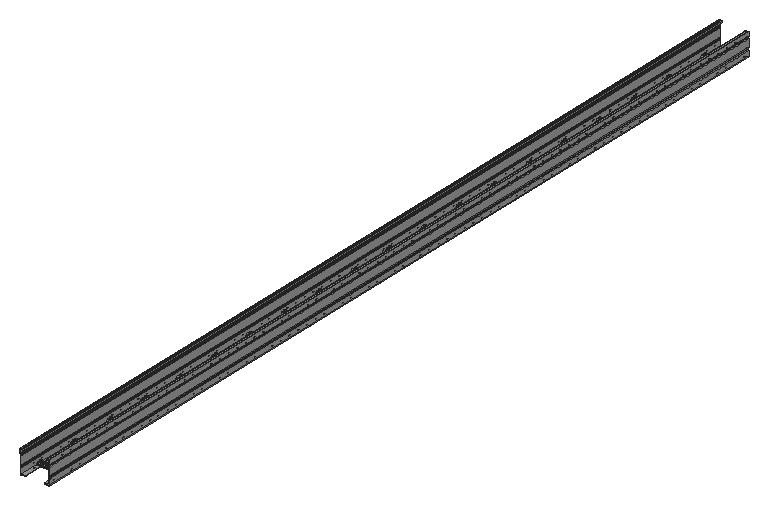
Revit family "Weitspannkabelleiter WKLG1620 FT,FS FT SO A4.23.08", category Generic Models, Revit 2017 (continued)
Forms (mm)
  Extrusion 269, void
    sketch origin (0, 2025, 0) x (0, 1, 0) y (0, 0, 1)
      loop
        line (49.5, 144.356) -> (25.5, 144.356)
        arc (25.5, 144.356) -> (25.146, 144.209) -> (25, 143.856) r 0.5
        line (25, 143.856) -> (25, 135.856)
        arc (25, 135.856) -> (25.146, 135.502) -> (25.5, 135.356) r 0.5
        line (25.5, 135.356) -> (49.46, 135.356)
        arc (49.46, 135.356) -> (49.842, 135.514) -> (50, 135.896) r 0.54
        line (50, 135.896) -> (50, 143.856)
        arc (50, 143.856) -> (49.854, 144.209) -> (49.5, 144.356) r 0.5
    from -100 to -98
  Extrusion 270, void
    sketch origin (0, 2100, 0) x (0, 1, 0) y (0, 0, 1)
      loop
        line (49.5, 144.356) -> (25.5, 144.356)
        arc (25.5, 144.356) -> (25.146, 144.209) -> (25, 143.856) r 0.5
        line (25, 143.856) -> (25, 135.856)
        arc (25, 135.856) -> (25.146, 135.502) -> (25.5, 135.356) r 0.5
        line (25.5, 135.356) -> (49.46, 135.356)
        arc (49.46, 135.356) -> (49.842, 135.514) -> (50, 135.896) r 0.54
        line (50, 135.896) -> (50, 143.856)
        arc (50, 143.856) -> (49.854, 144.209) -> (49.5, 144.356) r 0.5
    from -100 to -98
  Extrusion 271, void
    sketch origin (0, 2175, 0) x (0, 1, 0) y (0, 0, 1)
      loop
        line (49.5, 144.356) -> (25.5, 144.356)
        arc (25.5, 144.356) -> (25.146, 144.209) -> (25, 143.856) r 0.5
        line (25, 143.856) -> (25, 135.856)
        arc (25, 135.856) -> (25.146, 135.502) -> (25.5, 135.356) r 0.5
        line (25.5, 135.356) -> (49.46, 135.356)
        arc (49.46, 135.356) -> (49.842, 135.514) -> (50, 135.896) r 0.54
        line (50, 135.896) -> (50, 143.856)
        arc (50, 143.856) -> (49.854, 144.209) -> (49.5, 144.356) r 0.5
    from -100 to -98
  Extrusion 272, void
    sketch origin (0, 2250, 0) x (0, 1, 0) y (0, 0, 1)
      loop
        line (49.5, 144.356) -> (25.5, 144.356)
        arc (25.5, 144.356) -> (25.146, 144.209) -> (25, 143.856) r 0.5
        line (25, 143.856) -> (25, 135.856)
        arc (25, 135.856) -> (25.146, 135.502) -> (25.5, 135.356) r 0.5
        line (25.5, 135.356) -> (49.46, 135.356)
        arc (49.46, 135.356) -> (49.842, 135.514) -> (50, 135.896) r 0.54
        line (50, 135.896) -> (50, 143.856)
        arc (50, 143.856) -> (49.854, 144.209) -> (49.5, 144.356) r 0.5
    from -100 to -98
  Extrusion 273, void
    sketch origin (0, 2325, 0) x (0, 1, 0) y (0, 0, 1)
      loop
        line (49.5, 144.356) -> (25.5, 144.356)
        arc (25.5, 144.356) -> (25.146, 144.209) -> (25, 143.856) r 0.5
        line (25, 143.856) -> (25, 135.856)
        arc (25, 135.856) -> (25.146, 135.502) -> (25.5, 135.356) r 0.5
        line (25.5, 135.356) -> (49.46, 135.356)
        arc (49.46, 135.356) -> (49.842, 135.514) -> (50, 135.896) r 0.54
        line (50, 135.896) -> (50, 143.856)
        arc (50, 143.856) -> (49.854, 144.209) -> (49.5, 144.356) r 0.5
    from -100 to -98
  Extrusion 274, void
    sketch origin (0, 2400, 0) x (0, 1, 0) y (0, 0, 1)
      loop
        line (49.5, 144.356) -> (25.5, 144.356)
        arc (25.5, 144.356) -> (25.146, 144.209) -> (25, 143.856) r 0.5
        line (25, 143.856) -> (25, 135.856)
        arc (25, 135.856) -> (25.146, 135.502) -> (25.5, 135.356) r 0.5
        line (25.5, 135.356) -> (49.46, 135.356)
        arc (49.46, 135.356) -> (49.842, 135.514) -> (50, 135.896) r 0.54
        line (50, 135.896) -> (50, 143.856)
        arc (50, 143.856) -> (49.854, 144.209) -> (49.5, 144.356) r 0.5
    from -100 to -98
  Extrusion 275, void
    sketch origin (0, 2475, 0) x (0, 1, 0) y (0, 0, 1)
      loop
        line (49.5, 144.356) -> (25.5, 144.356)
        arc (25.5, 144.356) -> (25.146, 144.209) -> (25, 143.856) r 0.5
        line (25, 143.856) -> (25, 135.856)
        arc (25, 135.856) -> (25.146, 135.502) -> (25.5, 135.356) r 0.5
        line (25.5, 135.356) -> (49.46, 135.356)
        arc (49.46, 135.356) -> (49.842, 135.514) -> (50, 135.896) r 0.54
        line (50, 135.896) -> (50, 143.856)
        arc (50, 143.856) -> (49.854, 144.209) -> (49.5, 144.356) r 0.5
    from -100 to -98
  Extrusion 276, void
    sketch origin (0, 2550, 0) x (0, 1, 0) y (0, 0, 1)
      loop
        line (49.5, 144.356) -> (25.5, 144.356)
        arc (25.5, 144.356) -> (25.146, 144.209) -> (25, 143.856) r 0.5
        line (25, 143.856) -> (25, 135.856)
        arc (25, 135.856) -> (25.146, 135.502) -> (25.5, 135.356) r 0.5
        line (25.5, 135.356) -> (49.46, 135.356)
        arc (49.46, 135.356) -> (49.842, 135.514) -> (50, 135.896) r 0.54
        line (50, 135.896) -> (50, 143.856)
        arc (50, 143.856) -> (49.854, 144.209) -> (49.5, 144.356) r 0.5
    from -100 to -98
  Extrusion 277, void
    sketch origin (0, 2625, 0) x (0, 1, 0) y (0, 0, 1)
      loop
        line (49.5, 144.356) -> (25.5, 144.356)
        arc (25.5, 144.356) -> (25.146, 144.209) -> (25, 143.856) r 0.5
        line (25, 143.856) -> (25, 135.856)
        arc (25, 135.856) -> (25.146, 135.502) -> (25.5, 135.356) r 0.5
        line (25.5, 135.356) -> (49.46, 135.356)
        arc (49.46, 135.356) -> (49.842, 135.514) -> (50, 135.896) r 0.54
        line (50, 135.896) -> (50, 143.856)
        arc (50, 143.856) -> (49.854, 144.209) -> (49.5, 144.356) r 0.5
    from -100 to -98
  Extrusion 278, void
    sketch origin (0, 2700, 0) x (0, 1, 0) y (0, 0, 1)
      loop
        line (49.5, 144.356) -> (25.5, 144.356)
        arc (25.5, 144.356) -> (25.146, 144.209) -> (25, 143.856) r 0.5
        line (25, 143.856) -> (25, 135.856)
        arc (25, 135.856) -> (25.146, 135.502) -> (25.5, 135.356) r 0.5
        line (25.5, 135.356) -> (49.46, 135.356)
        arc (49.46, 135.356) -> (49.842, 135.514) -> (50, 135.896) r 0.54
        line (50, 135.896) -> (50, 143.856)
        arc (50, 143.856) -> (49.854, 144.209) -> (49.5, 144.356) r 0.5
    from -100 to -98
  Extrusion 279, void
    sketch origin (0, 2775, 0) x (0, 1, 0) y (0, 0, 1)
      loop
        line (49.5, 144.356) -> (25.5, 144.356)
        arc (25.5, 144.356) -> (25.146, 144.209) -> (25, 143.856) r 0.5
        line (25, 143.856) -> (25, 135.856)
        arc (25, 135.856) -> (25.146, 135.502) -> (25.5, 135.356) r 0.5
        line (25.5, 135.356) -> (49.46, 135.356)
        arc (49.46, 135.356) -> (49.842, 135.514) -> (50, 135.896) r 0.54
        line (50, 135.896) -> (50, 143.856)
        arc (50, 143.856) -> (49.854, 144.209) -> (49.5, 144.356) r 0.5
    from -100 to -98
  Extrusion 280, void
    sketch origin (0, 2850, 0) x (0, 1, 0) y (0, 0, 1)
      loop
        line (49.5, 144.356) -> (25.5, 144.356)
        arc (25.5, 144.356) -> (25.146, 144.209) -> (25, 143.856) r 0.5
        line (25, 143.856) -> (25, 135.856)
        arc (25, 135.856) -> (25.146, 135.502) -> (25.5, 135.356) r 0.5
        line (25.5, 135.356) -> (49.46, 135.356)
        arc (49.46, 135.356) -> (49.842, 135.514) -> (50, 135.896) r 0.54
        line (50, 135.896) -> (50, 143.856)
        arc (50, 143.856) -> (49.854, 144.209) -> (49.5, 144.356) r 0.5
    from -100 to -98
  Extrusion 281, void
    sketch origin (0, 2925, 0) x (0, 1, 0) y (0, 0, 1)
      loop
        line (49.5, 144.356) -> (25.5, 144.356)
        arc (25.5, 144.356) -> (25.146, 144.209) -> (25, 143.856) r 0.5
        line (25, 143.856) -> (25, 135.856)
        arc (25, 135.856) -> (25.146, 135.502) -> (25.5, 135.356) r 0.5
        line (25.5, 135.356) -> (49.46, 135.356)
        arc (49.46, 135.356) -> (49.842, 135.514) -> (50, 135.896) r 0.54
        line (50, 135.896) -> (50, 143.856)
        arc (50, 143.856) -> (49.854, 144.209) -> (49.5, 144.356) r 0.5
    from -100 to -98
  Extrusion 282, void
    sketch origin (0, 3000, 0) x (0, 1, 0) y (0, 0, 1)
      loop
        line (49.5, 144.356) -> (25.5, 144.356)
        arc (25.5, 144.356) -> (25.146, 144.209) -> (25, 143.856) r 0.5
        line (25, 143.856) -> (25, 135.856)
        arc (25, 135.856) -> (25.146, 135.502) -> (25.5, 135.356) r 0.5
        line (25.5, 135.356) -> (49.46, 135.356)
        arc (49.46, 135.356) -> (49.842, 135.514) -> (50, 135.896) r 0.54
        line (50, 135.896) -> (50, 143.856)
        arc (50, 143.856) -> (49.854, 144.209) -> (49.5, 144.356) r 0.5
    from -100 to -98
  Extrusion 283, void
    sketch origin (0, 3075, 0) x (0, 1, 0) y (0, 0, 1)
      loop
        line (49.5, 144.356) -> (25.5, 144.356)
        arc (25.5, 144.356) -> (25.146, 144.209) -> (25, 143.856) r 0.5
        line (25, 143.856) -> (25, 135.856)
        arc (25, 135.856) -> (25.146, 135.502) -> (25.5, 135.356) r 0.5
        line (25.5, 135.356) -> (49.46, 135.356)
        arc (49.46, 135.356) -> (49.842, 135.514) -> (50, 135.896) r 0.54
        line (50, 135.896) -> (50, 143.856)
        arc (50, 143.856) -> (49.854, 144.209) -> (49.5, 144.356) r 0.5
    from -100 to -98
  Extrusion 284, void
    sketch origin (0, 3150, 0) x (0, 1, 0) y (0, 0, 1)
      loop
        line (49.5, 144.356) -> (25.5, 144.356)
        arc (25.5, 144.356) -> (25.146, 144.209) -> (25, 143.856) r 0.5
        line (25, 143.856) -> (25, 135.856)
        arc (25, 135.856) -> (25.146, 135.502) -> (25.5, 135.356) r 0.5
        line (25.5, 135.356) -> (49.46, 135.356)
        arc (49.46, 135.356) -> (49.842, 135.514) -> (50, 135.896) r 0.54
        line (50, 135.896) -> (50, 143.856)
        arc (50, 143.856) -> (49.854, 144.209) -> (49.5, 144.356) r 0.5
    from -100 to -98
  Extrusion 285, void
    sketch origin (0, 3225, 0) x (0, 1, 0) y (0, 0, 1)
      loop
        line (49.5, 144.356) -> (25.5, 144.356)
        arc (25.5, 144.356) -> (25.146, 144.209) -> (25, 143.856) r 0.5
        line (25, 143.856) -> (25, 135.856)
        arc (25, 135.856) -> (25.146, 135.502) -> (25.5, 135.356) r 0.5
        line (25.5, 135.356) -> (49.46, 135.356)
        arc (49.46, 135.356) -> (49.842, 135.514) -> (50, 135.896) r 0.54
        line (50, 135.896) -> (50, 143.856)
        arc (50, 143.856) -> (49.854, 144.209) -> (49.5, 144.356) r 0.5
    from -100 to -98
  Extrusion 286, void
    sketch origin (0, 3300, 0) x (0, 1, 0) y (0, 0, 1)
      loop
        line (49.5, 144.356) -> (25.5, 144.356)
        arc (25.5, 144.356) -> (25.146, 144.209) -> (25, 143.856) r 0.5
        line (25, 143.856) -> (25, 135.856)
        arc (25, 135.856) -> (25.146, 135.502) -> (25.5, 135.356) r 0.5
        line (25.5, 135.356) -> (49.46, 135.356)
        arc (49.46, 135.356) -> (49.842, 135.514) -> (50, 135.896) r 0.54
        line (50, 135.896) -> (50, 143.856)
        arc (50, 143.856) -> (49.854, 144.209) -> (49.5, 144.356) r 0.5
    from -100 to -98
  Extrusion 287, void
    sketch origin (0, 3375, 0) x (0, 1, 0) y (0, 0, 1)
      loop
        line (49.5, 144.356) -> (25.5, 144.356)
        arc (25.5, 144.356) -> (25.146, 144.209) -> (25, 143.856) r 0.5
        line (25, 143.856) -> (25, 135.856)
        arc (25, 135.856) -> (25.146, 135.502) -> (25.5, 135.356) r 0.5
        line (25.5, 135.356) -> (49.46, 135.356)
        arc (49.46, 135.356) -> (49.842, 135.514) -> (50, 135.896) r 0.54
        line (50, 135.896) -> (50, 143.856)
        arc (50, 143.856) -> (49.854, 144.209) -> (49.5, 144.356) r 0.5
    from -100 to -98
  Extrusion 288, void
    sketch origin (0, 3450, 0) x (0, 1, 0) y (0, 0, 1)
      loop
        line (49.5, 144.356) -> (25.5, 144.356)
        arc (25.5, 144.356) -> (25.146, 144.209) -> (25, 143.856) r 0.5
        line (25, 143.856) -> (25, 135.856)
        arc (25, 135.856) -> (25.146, 135.502) -> (25.5, 135.356) r 0.5
        line (25.5, 135.356) -> (49.46, 135.356)
        arc (49.46, 135.356) -> (49.842, 135.514) -> (50, 135.896) r 0.54
        line (50, 135.896) -> (50, 143.856)
        arc (50, 143.856) -> (49.854, 144.209) -> (49.5, 144.356) r 0.5
    from -100 to -98
  Extrusion 289, void
    sketch origin (0, 3525, 0) x (0, 1, 0) y (0, 0, 1)
      loop
        line (49.5, 144.356) -> (25.5, 144.356)
        arc (25.5, 144.356) -> (25.146, 144.209) -> (25, 143.856) r 0.5
        line (25, 143.856) -> (25, 135.856)
        arc (25, 135.856) -> (25.146, 135.502) -> (25.5, 135.356) r 0.5
        line (25.5, 135.356) -> (49.46, 135.356)
        arc (49.46, 135.356) -> (49.842, 135.514) -> (50, 135.896) r 0.54
        line (50, 135.896) -> (50, 143.856)
        arc (50, 143.856) -> (49.854, 144.209) -> (49.5, 144.356) r 0.5
    from -100 to -98
  Extrusion 290, void
    sketch origin (0, 3600, 0) x (0, 1, 0) y (0, 0, 1)
      loop
        line (49.5, 144.356) -> (25.5, 144.356)
        arc (25.5, 144.356) -> (25.146, 144.209) -> (25, 143.856) r 0.5
        line (25, 143.856) -> (25, 135.856)
        arc (25, 135.856) -> (25.146, 135.502) -> (25.5, 135.356) r 0.5
        line (25.5, 135.356) -> (49.46, 135.356)
        arc (49.46, 135.356) -> (49.842, 135.514) -> (50, 135.896) r 0.54
        line (50, 135.896) -> (50, 143.856)
        arc (50, 143.856) -> (49.854, 144.209) -> (49.5, 144.356) r 0.5
    from -100 to -98
  Extrusion 291, void
    sketch origin (0, 3675, 0) x (0, 1, 0) y (0, 0, 1)
      loop
        line (49.5, 144.356) -> (25.5, 144.356)
        arc (25.5, 144.356) -> (25.146, 144.209) -> (25, 143.856) r 0.5
        line (25, 143.856) -> (25, 135.856)
        arc (25, 135.856) -> (25.146, 135.502) -> (25.5, 135.356) r 0.5
        line (25.5, 135.356) -> (49.46, 135.356)
        arc (49.46, 135.356) -> (49.842, 135.514) -> (50, 135.896) r 0.54
        line (50, 135.896) -> (50, 143.856)
        arc (50, 143.856) -> (49.854, 144.209) -> (49.5, 144.356) r 0.5
    from -100 to -98
  Extrusion 292, void
    sketch origin (0, 3750, 0) x (0, 1, 0) y (0, 0, 1)
      loop
        line (49.5, 144.356) -> (25.5, 144.356)
        arc (25.5, 144.356) -> (25.146, 144.209) -> (25, 143.856) r 0.5
        line (25, 143.856) -> (25, 135.856)
        arc (25, 135.856) -> (25.146, 135.502) -> (25.5, 135.356) r 0.5
        line (25.5, 135.356) -> (49.46, 135.356)
        arc (49.46, 135.356) -> (49.842, 135.514) -> (50, 135.896) r 0.54
        line (50, 135.896) -> (50, 143.856)
        arc (50, 143.856) -> (49.854, 144.209) -> (49.5, 144.356) r 0.5
    from -100 to -98
  Extrusion 293, void
    sketch origin (0, 3825, 0) x (0, 1, 0) y (0, 0, 1)
      loop
        line (49.5, 144.356) -> (25.5, 144.356)
        arc (25.5, 144.356) -> (25.146, 144.209) -> (25, 143.856) r 0.5
        line (25, 143.856) -> (25, 135.856)
        arc (25, 135.856) -> (25.146, 135.502) -> (25.5, 135.356) r 0.5
        line (25.5, 135.356) -> (49.46, 135.356)
        arc (49.46, 135.356) -> (49.842, 135.514) -> (50, 135.896) r 0.54
        line (50, 135.896) -> (50, 143.856)
        arc (50, 143.856) -> (49.854, 144.209) -> (49.5, 144.356) r 0.5
    from -100 to -98
  Extrusion 294, void
    sketch origin (0, 3900, 0) x (0, 1, 0) y (0, 0, 1)
      loop
        line (49.5, 144.356) -> (25.5, 144.356)
        arc (25.5, 144.356) -> (25.146, 144.209) -> (25, 143.856) r 0.5
        line (25, 143.856) -> (25, 135.856)
        arc (25, 135.856) -> (25.146, 135.502) -> (25.5, 135.356) r 0.5
        line (25.5, 135.356) -> (49.46, 135.356)
        arc (49.46, 135.356) -> (49.842, 135.514) -> (50, 135.896) r 0.54
        line (50, 135.896) -> (50, 143.856)
        arc (50, 143.856) -> (49.854, 144.209) -> (49.5, 144.356) r 0.5
    from -100 to -98
  Extrusion 295, void
    sketch origin (0, 3975, 0) x (0, 1, 0) y (0, 0, 1)
      loop
        line (49.5, 144.356) -> (25.5, 144.356)
        arc (25.5, 144.356) -> (25.146, 144.209) -> (25, 143.856) r 0.5
        line (25, 143.856) -> (25, 135.856)
        arc (25, 135.856) -> (25.146, 135.502) -> (25.5, 135.356) r 0.5
        line (25.5, 135.356) -> (49.46, 135.356)
        arc (49.46, 135.356) -> (49.842, 135.514) -> (50, 135.896) r 0.54
        line (50, 135.896) -> (50, 143.856)
        arc (50, 143.856) -> (49.854, 144.209) -> (49.5, 144.356) r 0.5
    from -100 to -98
  Extrusion 296, void
    sketch origin (0, 4050, 0) x (0, 1, 0) y (0, 0, 1)
      loop
        line (49.5, 144.356) -> (25.5, 144.356)
        arc (25.5, 144.356) -> (25.146, 144.209) -> (25, 143.856) r 0.5
        line (25, 143.856) -> (25, 135.856)
        arc (25, 135.856) -> (25.146, 135.502) -> (25.5, 135.356) r 0.5
        line (25.5, 135.356) -> (49.46, 135.356)
        arc (49.46, 135.356) -> (49.842, 135.514) -> (50, 135.896) r 0.54
        line (50, 135.896) -> (50, 143.856)
        arc (50, 143.856) -> (49.854, 144.209) -> (49.5, 144.356) r 0.5
    from -100 to -98
  Extrusion 297, void
    sketch origin (0, 4125, 0) x (0, 1, 0) y (0, 0, 1)
      loop
        line (49.5, 144.356) -> (25.5, 144.356)
        arc (25.5, 144.356) -> (25.146, 144.209) -> (25, 143.856) r 0.5
        line (25, 143.856) -> (25, 135.856)
        arc (25, 135.856) -> (25.146, 135.502) -> (25.5, 135.356) r 0.5
        line (25.5, 135.356) -> (49.46, 135.356)
        arc (49.46, 135.356) -> (49.842, 135.514) -> (50, 135.896) r 0.54
        line (50, 135.896) -> (50, 143.856)
        arc (50, 143.856) -> (49.854, 144.209) -> (49.5, 144.356) r 0.5
    from -100 to -98
  Extrusion 298, void
    sketch origin (0, 4200, 0) x (0, 1, 0) y (0, 0, 1)
      loop
        line (49.5, 144.356) -> (25.5, 144.356)
        arc (25.5, 144.356) -> (25.146, 144.209) -> (25, 143.856) r 0.5
        line (25, 143.856) -> (25, 135.856)
        arc (25, 135.856) -> (25.146, 135.502) -> (25.5, 135.356) r 0.5
        line (25.5, 135.356) -> (49.46, 135.356)
        arc (49.46, 135.356) -> (49.842, 135.514) -> (50, 135.896) r 0.54
        line (50, 135.896) -> (50, 143.856)
        arc (50, 143.856) -> (49.854, 144.209) -> (49.5, 144.356) r 0.5
    from -100 to -98
  Extrusion 299, void
    sketch origin (0, 4275, 0) x (0, 1, 0) y (0, 0, 1)
      loop
        line (49.5, 144.356) -> (25.5, 144.356)
        arc (25.5, 144.356) -> (25.146, 144.209) -> (25, 143.856) r 0.5
        line (25, 143.856) -> (25, 135.856)
        arc (25, 135.856) -> (25.146, 135.502) -> (25.5, 135.356) r 0.5
        line (25.5, 135.356) -> (49.46, 135.356)
        arc (49.46, 135.356) -> (49.842, 135.514) -> (50, 135.896) r 0.54
        line (50, 135.896) -> (50, 143.856)
        arc (50, 143.856) -> (49.854, 144.209) -> (49.5, 144.356) r 0.5
    from -100 to -98
  Extrusion 300, void
    sketch origin (0, 4350, 0) x (0, 1, 0) y (0, 0, 1)
      loop
        line (49.5, 144.356) -> (25.5, 144.356)
        arc (25.5, 144.356) -> (25.146, 144.209) -> (25, 143.856) r 0.5
        line (25, 143.856) -> (25, 135.856)
        arc (25, 135.856) -> (25.146, 135.502) -> (25.5, 135.356) r 0.5
        line (25.5, 135.356) -> (49.46, 135.356)
        arc (49.46, 135.356) -> (49.842, 135.514) -> (50, 135.896) r 0.54
        line (50, 135.896) -> (50, 143.856)
        arc (50, 143.856) -> (49.854, 144.209) -> (49.5, 144.356) r 0.5
    from -100 to -98
  Extrusion 301, void
    sketch origin (0, 4425, 0) x (0, 1, 0) y (0, 0, 1)
      loop
        line (49.5, 144.356) -> (25.5, 144.356)
        arc (25.5, 144.356) -> (25.146, 144.209) -> (25, 143.856) r 0.5
        line (25, 143.856) -> (25, 135.856)
        arc (25, 135.856) -> (25.146, 135.502) -> (25.5, 135.356) r 0.5
        line (25.5, 135.356) -> (49.46, 135.356)
        arc (49.46, 135.356) -> (49.842, 135.514) -> (50, 135.896) r 0.54
        line (50, 135.896) -> (50, 143.856)
        arc (50, 143.856) -> (49.854, 144.209) -> (49.5, 144.356) r 0.5
    from -100 to -98
  Extrusion 302, void
    sketch origin (0, 4500, 0) x (0, 1, 0) y (0, 0, 1)
      loop
        line (49.5, 144.356) -> (25.5, 144.356)
        arc (25.5, 144.356) -> (25.146, 144.209) -> (25, 143.856) r 0.5
        line (25, 143.856) -> (25, 135.856)
        arc (25, 135.856) -> (25.146, 135.502) -> (25.5, 135.356) r 0.5
        line (25.5, 135.356) -> (49.46, 135.356)
        arc (49.46, 135.356) -> (49.842, 135.514) -> (50, 135.896) r 0.54
        line (50, 135.896) -> (50, 143.856)
        arc (50, 143.856) -> (49.854, 144.209) -> (49.5, 144.356) r 0.5
    from -100 to -98
  Extrusion 303, void
    sketch origin (0, 4575, 0) x (0, 1, 0) y (0, 0, 1)
      loop
        line (49.5, 144.356) -> (25.5, 144.356)
        arc (25.5, 144.356) -> (25.146, 144.209) -> (25, 143.856) r 0.5
        line (25, 143.856) -> (25, 135.856)
        arc (25, 135.856) -> (25.146, 135.502) -> (25.5, 135.356) r 0.5
        line (25.5, 135.356) -> (49.46, 135.356)
        arc (49.46, 135.356) -> (49.842, 135.514) -> (50, 135.896) r 0.54
        line (50, 135.896) -> (50, 143.856)
        arc (50, 143.856) -> (49.854, 144.209) -> (49.5, 144.356) r 0.5
    from -100 to -98
  Extrusion 304, void
    sketch origin (0, 4650, 0) x (0, 1, 0) y (0, 0, 1)
      loop
        line (49.5, 144.356) -> (25.5, 144.356)
        arc (25.5, 144.356) -> (25.146, 144.209) -> (25, 143.856) r 0.5
        line (25, 143.856) -> (25, 135.856)
        arc (25, 135.856) -> (25.146, 135.502) -> (25.5, 135.356) r 0.5
        line (25.5, 135.356) -> (49.46, 135.356)
        arc (49.46, 135.356) -> (49.842, 135.514) -> (50, 135.896) r 0.54
        line (50, 135.896) -> (50, 143.856)
        arc (50, 143.856) -> (49.854, 144.209) -> (49.5, 144.356) r 0.5
    from -100 to -98
  Extrusion 305, void
    sketch origin (0, 4725, 0) x (0, 1, 0) y (0, 0, 1)
      loop
        line (49.5, 144.356) -> (25.5, 144.356)
        arc (25.5, 144.356) -> (25.146, 144.209) -> (25, 143.856) r 0.5
        line (25, 143.856) -> (25, 135.856)
        arc (25, 135.856) -> (25.146, 135.502) -> (25.5, 135.356) r 0.5
        line (25.5, 135.356) -> (49.46, 135.356)
        arc (49.46, 135.356) -> (49.842, 135.514) -> (50, 135.896) r 0.54
        line (50, 135.896) -> (50, 143.856)
        arc (50, 143.856) -> (49.854, 144.209) -> (49.5, 144.356) r 0.5
    from -100 to -98
  Extrusion 306, void
    sketch origin (0, 4800, 0) x (0, 1, 0) y (0, 0, 1)
      loop
        line (49.5, 144.356) -> (25.5, 144.356)
        arc (25.5, 144.356) -> (25.146, 144.209) -> (25, 143.856) r 0.5
        line (25, 143.856) -> (25, 135.856)
        arc (25, 135.856) -> (25.146, 135.502) -> (25.5, 135.356) r 0.5
        line (25.5, 135.356) -> (49.46, 135.356)
        arc (49.46, 135.356) -> (49.842, 135.514) -> (50, 135.896) r 0.54
        line (50, 135.896) -> (50, 143.856)
        arc (50, 143.856) -> (49.854, 144.209) -> (49.5, 144.356) r 0.5
    from -100 to -98
  Extrusion 307, void
    sketch origin (0, 4875, 0) x (0, 1, 0) y (0, 0, 1)
      loop
        line (49.5, 144.356) -> (25.5, 144.356)
        arc (25.5, 144.356) -> (25.146, 144.209) -> (25, 143.856) r 0.5
        line (25, 143.856) -> (25, 135.856)
        arc (25, 135.856) -> (25.146, 135.502) -> (25.5, 135.356) r 0.5
        line (25.5, 135.356) -> (49.46, 135.356)
        arc (49.46, 135.356) -> (49.842, 135.514) -> (50, 135.896) r 0.54
        line (50, 135.896) -> (50, 143.856)
        arc (50, 143.856) -> (49.854, 144.209) -> (49.5, 144.356) r 0.5
    from -100 to -98
  Extrusion 308, void
    sketch origin (0, 4950, 0) x (0, 1, 0) y (0, 0, 1)
      loop
        line (49.5, 144.356) -> (25.5, 144.356)
        arc (25.5, 144.356) -> (25.146, 144.209) -> (25, 143.856) r 0.5
        line (25, 143.856) -> (25, 135.856)
        arc (25, 135.856) -> (25.146, 135.502) -> (25.5, 135.356) r 0.5
        line (25.5, 135.356) -> (49.46, 135.356)
        arc (49.46, 135.356) -> (49.842, 135.514) -> (50, 135.896) r 0.54
        line (50, 135.896) -> (50, 143.856)
        arc (50, 143.856) -> (49.854, 144.209) -> (49.5, 144.356) r 0.5
    from -100 to -98
  Extrusion 309, void
    sketch origin (0, 5025, 0) x (0, 1, 0) y (0, 0, 1)
      loop
        line (49.5, 144.356) -> (25.5, 144.356)
        arc (25.5, 144.356) -> (25.146, 144.209) -> (25, 143.856) r 0.5
        line (25, 143.856) -> (25, 135.856)
        arc (25, 135.856) -> (25.146, 135.502) -> (25.5, 135.356) r 0.5
        line (25.5, 135.356) -> (49.46, 135.356)
        arc (49.46, 135.356) -> (49.842, 135.514) -> (50, 135.896) r 0.54
        line (50, 135.896) -> (50, 143.856)
        arc (50, 143.856) -> (49.854, 144.209) -> (49.5, 144.356) r 0.5
    from -100 to -98
  Extrusion 310, void
    sketch origin (0, 5100, 0) x (0, 1, 0) y (0, 0, 1)
      loop
        line (49.5, 144.356) -> (25.5, 144.356)
        arc (25.5, 144.356) -> (25.146, 144.209) -> (25, 143.856) r 0.5
        line (25, 143.856) -> (25, 135.856)
        arc (25, 135.856) -> (25.146, 135.502) -> (25.5, 135.356) r 0.5
        line (25.5, 135.356) -> (49.46, 135.356)
        arc (49.46, 135.356) -> (49.842, 135.514) -> (50, 135.896) r 0.54
        line (50, 135.896) -> (50, 143.856)
        arc (50, 143.856) -> (49.854, 144.209) -> (49.5, 144.356) r 0.5
    from -100 to -98
  Extrusion 311, void
    sketch origin (0, 5175, 0) x (0, 1, 0) y (0, 0, 1)
      loop
        line (49.5, 144.356) -> (25.5, 144.356)
        arc (25.5, 144.356) -> (25.146, 144.209) -> (25, 143.856) r 0.5
        line (25, 143.856) -> (25, 135.856)
        arc (25, 135.856) -> (25.146, 135.502) -> (25.5, 135.356) r 0.5
        line (25.5, 135.356) -> (49.46, 135.356)
        arc (49.46, 135.356) -> (49.842, 135.514) -> (50, 135.896) r 0.54
        line (50, 135.896) -> (50, 143.856)
        arc (50, 143.856) -> (49.854, 144.209) -> (49.5, 144.356) r 0.5
    from -100 to -98
  Extrusion 312, void
    sketch origin (0, 5250, 0) x (0, 1, 0) y (0, 0, 1)
      loop
        line (49.5, 144.356) -> (25.5, 144.356)
        arc (25.5, 144.356) -> (25.146, 144.209) -> (25, 143.856) r 0.5
        line (25, 143.856) -> (25, 135.856)
        arc (25, 135.856) -> (25.146, 135.502) -> (25.5, 135.356) r 0.5
        line (25.5, 135.356) -> (49.46, 135.356)
        arc (49.46, 135.356) -> (49.842, 135.514) -> (50, 135.896) r 0.54
        line (50, 135.896) -> (50, 143.856)
        arc (50, 143.856) -> (49.854, 144.209) -> (49.5, 144.356) r 0.5
    from -100 to -98
  Extrusion 313, void
    sketch origin (0, 5325, 0) x (0, 1, 0) y (0, 0, 1)
      loop
        line (49.5, 144.356) -> (25.5, 144.356)
        arc (25.5, 144.356) -> (25.146, 144.209) -> (25, 143.856) r 0.5
        line (25, 143.856) -> (25, 135.856)
        arc (25, 135.856) -> (25.146, 135.502) -> (25.5, 135.356) r 0.5
        line (25.5, 135.356) -> (49.46, 135.356)
        arc (49.46, 135.356) -> (49.842, 135.514) -> (50, 135.896) r 0.54
        line (50, 135.896) -> (50, 143.856)
        arc (50, 143.856) -> (49.854, 144.209) -> (49.5, 144.356) r 0.5
    from -100 to -98
  Extrusion 314, void
    sketch origin (0, 5400, 0) x (0, 1, 0) y (0, 0, 1)
      loop
        line (49.5, 144.356) -> (25.5, 144.356)
        arc (25.5, 144.356) -> (25.146, 144.209) -> (25, 143.856) r 0.5
        line (25, 143.856) -> (25, 135.856)
        arc (25, 135.856) -> (25.146, 135.502) -> (25.5, 135.356) r 0.5
        line (25.5, 135.356) -> (49.46, 135.356)
        arc (49.46, 135.356) -> (49.842, 135.514) -> (50, 135.896) r 0.54
        line (50, 135.896) -> (50, 143.856)
        arc (50, 143.856) -> (49.854, 144.209) -> (49.5, 144.356) r 0.5
    from -100 to -98
  Extrusion 315, void
    sketch origin (0, 5475, 0) x (0, 1, 0) y (0, 0, 1)
      loop
        line (49.5, 144.356) -> (25.5, 144.356)
        arc (25.5, 144.356) -> (25.146, 144.209) -> (25, 143.856) r 0.5
        line (25, 143.856) -> (25, 135.856)
        arc (25, 135.856) -> (25.146, 135.502) -> (25.5, 135.356) r 0.5
        line (25.5, 135.356) -> (49.46, 135.356)
        arc (49.46, 135.356) -> (49.842, 135.514) -> (50, 135.896) r 0.54
        line (50, 135.896) -> (50, 143.856)
        arc (50, 143.856) -> (49.854, 144.209) -> (49.5, 144.356) r 0.5
    from -100 to -98
  Extrusion 316, void
    sketch origin (0, 5550, 0) x (0, 1, 0) y (0, 0, 1)
      loop
        line (49.5, 144.356) -> (25.5, 144.356)
        arc (25.5, 144.356) -> (25.146, 144.209) -> (25, 143.856) r 0.5
        line (25, 143.856) -> (25, 135.856)
        arc (25, 135.856) -> (25.146, 135.502) -> (25.5, 135.356) r 0.5
        line (25.5, 135.356) -> (49.46, 135.356)
        arc (49.46, 135.356) -> (49.842, 135.514) -> (50, 135.896) r 0.54
        line (50, 135.896) -> (50, 143.856)
        arc (50, 143.856) -> (49.854, 144.209) -> (49.5, 144.356) r 0.5
    from -100 to -98
  Extrusion 317, void
    sketch origin (0, 5625, 0) x (0, 1, 0) y (0, 0, 1)
      loop
        line (49.5, 144.356) -> (25.5, 144.356)
        arc (25.5, 144.356) -> (25.146, 144.209) -> (25, 143.856) r 0.5
        line (25, 143.856) -> (25, 135.856)
        arc (25, 135.856) -> (25.146, 135.502) -> (25.5, 135.356) r 0.5
        line (25.5, 135.356) -> (49.46, 135.356)
        arc (49.46, 135.356) -> (49.842, 135.514) -> (50, 135.896) r 0.54
        line (50, 135.896) -> (50, 143.856)
        arc (50, 143.856) -> (49.854, 144.209) -> (49.5, 144.356) r 0.5
    from -100 to -98
  Extrusion 318, void
    sketch origin (0, 5700, 0) x (0, 1, 0) y (0, 0, 1)
      loop
        line (49.5, 144.356) -> (25.5, 144.356)
        arc (25.5, 144.356) -> (25.146, 144.209) -> (25, 143.856) r 0.5
        line (25, 143.856) -> (25, 135.856)
        arc (25, 135.856) -> (25.146, 135.502) -> (25.5, 135.356) r 0.5
        line (25.5, 135.356) -> (49.46, 135.356)
        arc (49.46, 135.356) -> (49.842, 135.514) -> (50, 135.896) r 0.54
        line (50, 135.896) -> (50, 143.856)
        arc (50, 143.856) -> (49.854, 144.209) -> (49.5, 144.356) r 0.5
    from -100 to -98
  Extrusion 319, void
    sketch origin (0, 5775, 0) x (0, 1, 0) y (0, 0, 1)
      loop
        line (49.5, 144.356) -> (25.5, 144.356)
        arc (25.5, 144.356) -> (25.146, 144.209) -> (25, 143.856) r 0.5
        line (25, 143.856) -> (25, 135.856)
        arc (25, 135.856) -> (25.146, 135.502) -> (25.5, 135.356) r 0.5
        line (25.5, 135.356) -> (49.46, 135.356)
        arc (49.46, 135.356) -> (49.842, 135.514) -> (50, 135.896) r 0.54
        line (50, 135.896) -> (50, 143.856)
        arc (50, 143.856) -> (49.854, 144.209) -> (49.5, 144.356) r 0.5
    from -100 to -98
  Extrusion 320, void
    sketch origin (0, 5850, 0) x (0, 1, 0) y (0, 0, 1)
      loop
        line (49.5, 144.356) -> (25.5, 144.356)
        arc (25.5, 144.356) -> (25.146, 144.209) -> (25, 143.856) r 0.5
        line (25, 143.856) -> (25, 135.856)
        arc (25, 135.856) -> (25.146, 135.502) -> (25.5, 135.356) r 0.5
        line (25.5, 135.356) -> (49.46, 135.356)
        arc (49.46, 135.356) -> (49.842, 135.514) -> (50, 135.896) r 0.54
        line (50, 135.896) -> (50, 143.856)
        arc (50, 143.856) -> (49.854, 144.209) -> (49.5, 144.356) r 0.5
    from -100 to -98
  Extrusion 321, void
    sketch origin (0, 5925, 0) x (0, 1, 0) y (0, 0, 1)
      loop
        line (49.5, 144.356) -> (25.5, 144.356)
        arc (25.5, 144.356) -> (25.146, 144.209) -> (25, 143.856) r 0.5
        line (25, 143.856) -> (25, 135.856)
        arc (25, 135.856) -> (25.146, 135.502) -> (25.5, 135.356) r 0.5
        line (25.5, 135.356) -> (49.46, 135.356)
        arc (49.46, 135.356) -> (49.842, 135.514) -> (50, 135.896) r 0.54
        line (50, 135.896) -> (50, 143.856)
        arc (50, 143.856) -> (49.854, 144.209) -> (49.5, 144.356) r 0.5
    from -100 to -98
  Extrusion 322, solid, not visible
    sketch origin (0, 0, 0) x (0, 1, 0) y (0, 0, 1)
      loop
        line (134.95, 2) -> (165.007, 2)
        arc (165.007, 2) -> (166.562, 2.742) -> (166.963, 4.417) r 2
        line (166.963, 4.417) -> (164.404, 16.417)
        arc (164.404, 16.417) -> (163.706, 17.555) -> (162.448, 18) r 2
        line (162.448, 18) -> (158.291, 18) -> (158.291, 16.5) -> (162.043, 16.5)
        arc (162.043, 16.5) -> (162.672, 16.277) -> (163.021, 15.709) r 1
        line (163.021, 15.709) -> (165.367, 4.709)
        arc (165.367, 4.709) -> (165.167, 3.871) -> (164.389, 3.5) r 1
        line (164.389, 3.5) -> (135.568, 3.5)
        arc (135.568, 3.5) -> (134.791, 3.871) -> (134.59, 4.709) r 1
        line (134.59, 4.709) -> (136.938, 15.716)
        arc (136.938, 15.716) -> (137.284, 16.279) -> (137.907, 16.5) r 0.991
        line (137.907, 16.5) -> (141.791, 16.5) -> (141.791, 18) -> (137.51, 18)
        arc (137.51, 18) -> (136.252, 17.555) -> (135.554, 16.417) r 2
        line (135.554, 16.417) -> (132.994, 4.417)
        arc (132.994, 4.417) -> (133.395, 2.742) -> (134.95, 2) r 2
    from -97.5 to 98
  Extrusion 323, solid, material "Hot-dip galvanised 85 µm" <- "Material"
    sketch origin (0, 0, 0) x (0, 1, 0) y (0, 0, 1)
      loop
        line (134.95, 2) -> (165.007, 2)
        arc (165.007, 2) -> (166.562, 2.742) -> (166.963, 4.417) r 2
        line (166.963, 4.417) -> (164.404, 16.417)
        arc (164.404, 16.417) -> (163.706, 17.555) -> (162.448, 18) r 2
        line (162.448, 18) -> (158.291, 18) -> (158.291, 16.5) -> (162.043, 16.5)
        arc (162.043, 16.5) -> (162.672, 16.277) -> (163.021, 15.709) r 1
        line (163.021, 15.709) -> (165.367, 4.709)
        arc (165.367, 4.709) -> (165.167, 3.871) -> (164.389, 3.5) r 1
        line (164.389, 3.5) -> (135.568, 3.5)
        arc (135.568, 3.5) -> (134.791, 3.871) -> (134.59, 4.709) r 1
        line (134.59, 4.709) -> (136.938, 15.716)
        arc (136.938, 15.716) -> (137.284, 16.279) -> (137.907, 16.5) r 0.991
        line (137.907, 16.5) -> (141.791, 16.5) -> (141.791, 18) -> (137.51, 18)
        arc (137.51, 18) -> (136.252, 17.555) -> (135.554, 16.417) r 2
        line (135.554, 16.417) -> (132.994, 4.417)
        arc (132.994, 4.417) -> (133.395, 2.742) -> (134.95, 2) r 2
    from -97.5 to 98
  Extrusion 324, void
    sketch origin (0, 0, 0) x (1, 0, 0) y (0, 1, 0)
      loop
        circle (-82, 100.291) r 2.5
    from 0 to 2
  Extrusion 325, void
    sketch origin (0, 300, 0) x (1, 0, 0) y (0, 1, 0)
      loop
        circle (-82, 100.291) r 2.5
    from 0 to 2
  Extrusion 326, void
    sketch origin (0, 600, 0) x (1, 0, 0) y (0, 1, 0)
      loop
        circle (-82, 100.291) r 2.5
    from 0 to 2
  Extrusion 327, void
    sketch origin (0, 900, 0) x (1, 0, 0) y (0, 1, 0)
      loop
        circle (-82, 100.291) r 2.5
    from 0 to 2
  Extrusion 328, void
    sketch origin (0, 1200, 0) x (1, 0, 0) y (0, 1, 0)
      loop
        circle (-82, 100.291) r 2.5
    from 0 to 2
  Extrusion 329, void
    sketch origin (0, 1500, 0) x (1, 0, 0) y (0, 1, 0)
      loop
        circle (-82, 100.291) r 2.5
    from 0 to 2
  Extrusion 330, void
    sketch origin (0, 1800, 0) x (1, 0, 0) y (0, 1, 0)
      loop
        circle (-82, 100.291) r 2.5
    from 0 to 2
  Extrusion 331, void
    sketch origin (0, 2100, 0) x (1, 0, 0) y (0, 1, 0)
      loop
        circle (-82, 100.291) r 2.5
    from 0 to 2
  Extrusion 332, void
    sketch origin (0, 2400, 0) x (1, 0, 0) y (0, 1, 0)
      loop
        circle (-82, 100.291) r 2.5
    from 0 to 2
  Extrusion 333, void
    sketch origin (0, 2700, 0) x (1, 0, 0) y (0, 1, 0)
      loop
        circle (-82, 100.291) r 2.5
    from 0 to 2
  Extrusion 334, void
    sketch origin (0, 3000, 0) x (1, 0, 0) y (0, 1, 0)
      loop
        circle (-82, 100.291) r 2.5
    from 0 to 2
  Extrusion 335, void
    sketch origin (0, 3300, 0) x (1, 0, 0) y (0, 1, 0)
      loop
        circle (-82, 100.291) r 2.5
    from 0 to 2
  Extrusion 336, void
    sketch origin (0, 3600, 0) x (1, 0, 0) y (0, 1, 0)
      loop
        circle (-82, 100.291) r 2.5
    from 0 to 2
  Extrusion 337, void
    sketch origin (0, 3900, 0) x (1, 0, 0) y (0, 1, 0)
      loop
        circle (-82, 100.291) r 2.5
    from 0 to 2
  Extrusion 338, void
    sketch origin (0, 4200, 0) x (1, 0, 0) y (0, 1, 0)
      loop
        circle (-82, 100.291) r 2.5
    from 0 to 2
  Extrusion 339, void
    sketch origin (0, 4500, 0) x (1, 0, 0) y (0, 1, 0)
      loop
        circle (-82, 100.291) r 2.5
    from 0 to 2
  Extrusion 340, void
    sketch origin (0, 4800, 0) x (1, 0, 0) y (0, 1, 0)
      loop
        circle (-82, 100.291) r 2.5
    from 0 to 2
  Extrusion 341, void
    sketch origin (0, 5100, 0) x (1, 0, 0) y (0, 1, 0)
      loop
        circle (-82, 100.291) r 2.5
    from 0 to 2
  Extrusion 342, void
    sketch origin (0, 5400, 0) x (1, 0, 0) y (0, 1, 0)
      loop
        circle (-82, 100.291) r 2.5
    from 0 to 2
  Extrusion 343, void
    sketch origin (0, 5700, 0) x (1, 0, 0) y (0, 1, 0)
      loop
        circle (-82, 100.291) r 2.5
    from 0 to 2
  Extrusion 344, void
    sketch origin (0, 0, 0) x (1, 0, 0) y (0, 1, 0)
      loop
        circle (-82, 200.291) r 2.5
    from 0 to 2
  Extrusion 345, void
    sketch origin (0, 300, 0) x (1, 0, 0) y (0, 1, 0)
      loop
        circle (-82, 200.291) r 2.5
    from 0 to 2
  Extrusion 346, void
    sketch origin (0, 600, 0) x (1, 0, 0) y (0, 1, 0)
      loop
        circle (-82, 200.291) r 2.5
    from 0 to 2
  Extrusion 347, void
    sketch origin (0, 900, 0) x (1, 0, 0) y (0, 1, 0)
      loop
        circle (-82, 200.291) r 2.5
    from 0 to 2
  Extrusion 348, void
    sketch origin (0, 1200, 0) x (1, 0, 0) y (0, 1, 0)
      loop
        circle (-82, 200.291) r 2.5
    from 0 to 2
  Extrusion 349, void
    sketch origin (0, 1500, 0) x (1, 0, 0) y (0, 1, 0)
      loop
        circle (-82, 200.291) r 2.5
    from 0 to 2
  Extrusion 350, void
    sketch origin (0, 1800, 0) x (1, 0, 0) y (0, 1, 0)
      loop
        circle (-82, 200.291) r 2.5
    from 0 to 2
  Extrusion 351, void
    sketch origin (0, 2100, 0) x (1, 0, 0) y (0, 1, 0)
      loop
        circle (-82, 200.291) r 2.5
    from 0 to 2
  Extrusion 352, void
    sketch origin (0, 2400, 0) x (1, 0, 0) y (0, 1, 0)
      loop
        circle (-82, 200.291) r 2.5
    from 0 to 2
  Extrusion 353, void
    sketch origin (0, 2700, 0) x (1, 0, 0) y (0, 1, 0)
      loop
        circle (-82, 200.291) r 2.5
    from 0 to 2
  Extrusion 354, void
    sketch origin (0, 3000, 0) x (1, 0, 0) y (0, 1, 0)
      loop
        circle (-82, 200.291) r 2.5
    from 0 to 2
  Extrusion 355, void
    sketch origin (0, 3300, 0) x (1, 0, 0) y (0, 1, 0)
      loop
        circle (-82, 200.291) r 2.5
    from 0 to 2
  Extrusion 356, void
    sketch origin (0, 3600, 0) x (1, 0, 0) y (0, 1, 0)
      loop
        circle (-82, 200.291) r 2.5
    from 0 to 2
  Extrusion 357, void
    sketch origin (0, 3900, 0) x (1, 0, 0) y (0, 1, 0)
      loop
        circle (-82, 200.291) r 2.5
    from 0 to 2
  Extrusion 358, void
    sketch origin (0, 4200, 0) x (1, 0, 0) y (0, 1, 0)
      loop
        circle (-82, 200.291) r 2.5
    from 0 to 2
  Extrusion 359, void
    sketch origin (0, 4500, 0) x (1, 0, 0) y (0, 1, 0)
      loop
        circle (-82, 200.291) r 2.5
    from 0 to 2
  Extrusion 360, void
    sketch origin (0, 4800, 0) x (1, 0, 0) y (0, 1, 0)
      loop
        circle (-82, 200.291) r 2.5
    from 0 to 2
  Extrusion 361, void
    sketch origin (0, 5100, 0) x (1, 0, 0) y (0, 1, 0)
      loop
        circle (-82, 200.291) r 2.5
    from 0 to 2
  Extrusion 362, void
    sketch origin (0, 5400, 0) x (1, 0, 0) y (0, 1, 0)
      loop
        circle (-82, 200.291) r 2.5
    from 0 to 2
  Extrusion 363, void
    sketch origin (0, 5700, 0) x (1, 0, 0) y (0, 1, 0)
      loop
        circle (-82, 200.291) r 2.5
    from 0 to 2
  Extrusion 364, void
    sketch origin (0, 0, 0) x (1, 0, 0) y (0, 1, 0)
      loop
        circle (82, 100.291) r 2.5
    from 0 to 2
  Extrusion 365, void
    sketch origin (0, 300, 0) x (1, 0, 0) y (0, 1, 0)
      loop
        circle (82, 100.291) r 2.5
    from 0 to 2
  Extrusion 366, void
    sketch origin (0, 600, 0) x (1, 0, 0) y (0, 1, 0)
      loop
        circle (82, 100.291) r 2.5
    from 0 to 2
  Extrusion 367, void
    sketch origin (0, 900, 0) x (1, 0, 0) y (0, 1, 0)
      loop
        circle (82, 100.291) r 2.5
    from 0 to 2
  Extrusion 368, void
    sketch origin (0, 1200, 0) x (1, 0, 0) y (0, 1, 0)
      loop
        circle (82, 100.291) r 2.5
    from 0 to 2
  Extrusion 369, void
    sketch origin (0, 1500, 0) x (1, 0, 0) y (0, 1, 0)
      loop
        circle (82, 100.291) r 2.5
    from 0 to 2
  Extrusion 370, void
    sketch origin (0, 1800, 0) x (1, 0, 0) y (0, 1, 0)
      loop
        circle (82, 100.291) r 2.5
    from 0 to 2
  Extrusion 371, void
    sketch origin (0, 2100, 0) x (1, 0, 0) y (0, 1, 0)
      loop
        circle (82, 100.291) r 2.5
    from 0 to 2
  Extrusion 372, void
    sketch origin (0, 2400, 0) x (1, 0, 0) y (0, 1, 0)
      loop
        circle (82, 100.291) r 2.5
    from 0 to 2
  Extrusion 373, void
    sketch origin (0, 2700, 0) x (1, 0, 0) y (0, 1, 0)
      loop
        circle (82, 100.291) r 2.5
    from 0 to 2
  Extrusion 374, void
    sketch origin (0, 3000, 0) x (1, 0, 0) y (0, 1, 0)
      loop
        circle (82, 100.291) r 2.5
    from 0 to 2
  Extrusion 375, void
    sketch origin (0, 3300, 0) x (1, 0, 0) y (0, 1, 0)
      loop
        circle (82, 100.291) r 2.5
    from 0 to 2
  Extrusion 376, void
    sketch origin (0, 3600, 0) x (1, 0, 0) y (0, 1, 0)
      loop
        circle (82, 100.291) r 2.5
    from 0 to 2
  Extrusion 377, void
    sketch origin (0, 3900, 0) x (1, 0, 0) y (0, 1, 0)
      loop
        circle (82, 100.291) r 2.5
    from 0 to 2
  Extrusion 378, void
    sketch origin (0, 4200, 0) x (1, 0, 0) y (0, 1, 0)
      loop
        circle (82, 100.291) r 2.5
    from 0 to 2
  Extrusion 379, void
    sketch origin (0, 4500, 0) x (1, 0, 0) y (0, 1, 0)
      loop
        circle (82, 100.291) r 2.5
    from 0 to 2
  Extrusion 380, void
    sketch origin (0, 4800, 0) x (1, 0, 0) y (0, 1, 0)
      loop
        circle (82, 100.291) r 2.5
    from 0 to 2
  Extrusion 381, void
    sketch origin (0, 5100, 0) x (1, 0, 0) y (0, 1, 0)
      loop
        circle (82, 100.291) r 2.5
    from 0 to 2
  Extrusion 382, void
    sketch origin (0, 5400, 0) x (1, 0, 0) y (0, 1, 0)
      loop
        circle (82, 100.291) r 2.5
    from 0 to 2
  Extrusion 383, void
    sketch origin (0, 5700, 0) x (1, 0, 0) y (0, 1, 0)
      loop
        circle (82, 100.291) r 2.5
    from 0 to 2
  Extrusion 384, void
    sketch origin (0, 0, 0) x (1, 0, 0) y (0, 1, 0)
      loop
        circle (82, 200.291) r 2.5
    from 0 to 2
  Extrusion 385, void
    sketch origin (0, 300, 0) x (1, 0, 0) y (0, 1, 0)
      loop
        circle (82, 200.291) r 2.5
    from 0 to 2
  Extrusion 386, void
    sketch origin (0, 600, 0) x (1, 0, 0) y (0, 1, 0)
      loop
        circle (82, 200.291) r 2.5
    from 0 to 2
  Extrusion 387, void
    sketch origin (0, 900, 0) x (1, 0, 0) y (0, 1, 0)
      loop
        circle (82, 200.291) r 2.5
    from 0 to 2
  Extrusion 388, void
    sketch origin (0, 1200, 0) x (1, 0, 0) y (0, 1, 0)
      loop
        circle (82, 200.291) r 2.5
    from 0 to 2
  Extrusion 389, void
    sketch origin (0, 1500, 0) x (1, 0, 0) y (0, 1, 0)
      loop
        circle (82, 200.291) r 2.5
    from 0 to 2
  Extrusion 390, void
    sketch origin (0, 1800, 0) x (1, 0, 0) y (0, 1, 0)
      loop
        circle (82, 200.291) r 2.5
    from 0 to 2
  Extrusion 391, void
    sketch origin (0, 2100, 0) x (1, 0, 0) y (0, 1, 0)
      loop
        circle (82, 200.291) r 2.5
    from 0 to 2
  Extrusion 392, void
    sketch origin (0, 2400, 0) x (1, 0, 0) y (0, 1, 0)
      loop
        circle (82, 200.291) r 2.5
    from 0 to 2
  Extrusion 393, void
    sketch origin (0, 2700, 0) x (1, 0, 0) y (0, 1, 0)
      loop
        circle (82, 200.291) r 2.5
    from 0 to 2
  Extrusion 394, void
    sketch origin (0, 3000, 0) x (1, 0, 0) y (0, 1, 0)
      loop
        circle (82, 200.291) r 2.5
    from 0 to 2
  Extrusion 395, void
    sketch origin (0, 3300, 0) x (1, 0, 0) y (0, 1, 0)
      loop
        circle (82, 200.291) r 2.5
    from 0 to 2
  Extrusion 396, void
    sketch origin (0, 3600, 0) x (1, 0, 0) y (0, 1, 0)
      loop
        circle (82, 200.291) r 2.5
    from 0 to 2
  Extrusion 397, void
    sketch origin (0, 3900, 0) x (1, 0, 0) y (0, 1, 0)
      loop
        circle (82, 200.291) r 2.5
    from 0 to 2
  Extrusion 398, void
    sketch origin (0, 4200, 0) x (1, 0, 0) y (0, 1, 0)
      loop
        circle (82, 200.291) r 2.5
    from 0 to 2
  Extrusion 399, void
    sketch origin (0, 4500, 0) x (1, 0, 0) y (0, 1, 0)
      loop
        circle (82, 200.291) r 2.5
    from 0 to 2
  Extrusion 400, void
    sketch origin (0, 4800, 0) x (1, 0, 0) y (0, 1, 0)
      loop
        circle (82, 200.291) r 2.5
    from 0 to 2
  Extrusion 401, void
    sketch origin (0, 5100, 0) x (1, 0, 0) y (0, 1, 0)
      loop
        circle (82, 200.291) r 2.5
    from 0 to 2
  Extrusion 402, void
    sketch origin (0, 5400, 0) x (1, 0, 0) y (0, 1, 0)
      loop
        circle (82, 200.291) r 2.5
    from 0 to 2
  Extrusion 403, void
    sketch origin (0, 5700, 0) x (1, 0, 0) y (0, 1, 0)
      loop
        circle (82, 200.291) r 2.5
    from 0 to 2
  Extrusion 404, void
    sketch origin (0, 0, 0) x (1, 0, 0) y (0, 1, 0)
      loop
        circle (87.5, 149.896) r 2.75
      loop
        circle (57.569, 149.908) r 3.4
      loop
        circle (-87.5, 149.896) r 2.8
      loop
        circle (-57.5, 149.896) r 3.4
    from 0 to 3.5
  Extrusion 405, solid, material "Hot-dip galvanised 85 µm" <- "Material", not visible
    sketch origin (0, 0, 0) x (0, 1, 0) y (0, 0, 1)
      loop
        line (134.95, 2) -> (165.007, 2)
        arc (165.007, 2) -> (166.562, 2.742) -> (166.963, 4.417) r 2
        line (166.963, 4.417) -> (164.404, 16.417)
        arc (164.404, 16.417) -> (163.706, 17.555) -> (162.448, 18) r 2
        line (162.448, 18) -> (158.291, 18) -> (158.291, 16.5) -> (162.043, 16.5)
        arc (162.043, 16.5) -> (162.672, 16.277) -> (163.021, 15.709) r 1
        line (163.021, 15.709) -> (165.367, 4.709)
        arc (165.367, 4.709) -> (165.167, 3.871) -> (164.389, 3.5) r 1
        line (164.389, 3.5) -> (135.568, 3.5)
        arc (135.568, 3.5) -> (134.791, 3.871) -> (134.59, 4.709) r 1
        line (134.59, 4.709) -> (136.938, 15.716)
        arc (136.938, 15.716) -> (137.284, 16.279) -> (137.907, 16.5) r 0.991
        line (137.907, 16.5) -> (141.791, 16.5) -> (141.791, 18) -> (137.51, 18)
        arc (137.51, 18) -> (136.252, 17.555) -> (135.554, 16.417) r 2
        line (135.554, 16.417) -> (132.994, 4.417)
        arc (132.994, 4.417) -> (133.395, 2.742) -> (134.95, 2) r 2
    from -97.5 to 98
  Extrusion 406, solid, material "Hot-dip galvanised 85 µm" <- "Material"
    sketch origin (0, 300, 0) x (0, 1, 0) y (0, 0, 1)
      loop
        line (134.95, 2) -> (165.007, 2)
        arc (165.007, 2) -> (166.562, 2.742) -> (166.963, 4.417) r 2
        line (166.963, 4.417) -> (164.404, 16.417)
        arc (164.404, 16.417) -> (163.706, 17.555) -> (162.448, 18) r 2
        line (162.448, 18) -> (158.291, 18) -> (158.291, 16.5) -> (162.043, 16.5)
        arc (162.043, 16.5) -> (162.672, 16.277) -> (163.021, 15.709) r 1
        line (163.021, 15.709) -> (165.367, 4.709)
        arc (165.367, 4.709) -> (165.167, 3.871) -> (164.389, 3.5) r 1
        line (164.389, 3.5) -> (135.568, 3.5)
        arc (135.568, 3.5) -> (134.791, 3.871) -> (134.59, 4.709) r 1
        line (134.59, 4.709) -> (136.938, 15.716)
        arc (136.938, 15.716) -> (137.284, 16.279) -> (137.907, 16.5) r 0.991
        line (137.907, 16.5) -> (141.791, 16.5) -> (141.791, 18) -> (137.51, 18)
        arc (137.51, 18) -> (136.252, 17.555) -> (135.554, 16.417) r 2
        line (135.554, 16.417) -> (132.994, 4.417)
        arc (132.994, 4.417) -> (133.395, 2.742) -> (134.95, 2) r 2
    from -97.5 to 98
  Extrusion 407, void
    sketch origin (0, 300, 0) x (1, 0, 0) y (0, 1, 0)
      loop
        circle (87.5, 149.896) r 2.75
      loop
        circle (57.569, 149.908) r 3.4
      loop
        circle (-87.5, 149.896) r 2.8
      loop
        circle (-57.5, 149.896) r 3.4
    from 0 to 3.5
  Extrusion 408, solid, material "Hot-dip galvanised 85 µm" <- "Material"
    sketch origin (0, 600, 0) x (0, 1, 0) y (0, 0, 1)
      loop
        line (134.95, 2) -> (165.007, 2)
        arc (165.007, 2) -> (166.562, 2.742) -> (166.963, 4.417) r 2
        line (166.963, 4.417) -> (164.404, 16.417)
        arc (164.404, 16.417) -> (163.706, 17.555) -> (162.448, 18) r 2
        line (162.448, 18) -> (158.291, 18) -> (158.291, 16.5) -> (162.043, 16.5)
        arc (162.043, 16.5) -> (162.672, 16.277) -> (163.021, 15.709) r 1
        line (163.021, 15.709) -> (165.367, 4.709)
        arc (165.367, 4.709) -> (165.167, 3.871) -> (164.389, 3.5) r 1
        line (164.389, 3.5) -> (135.568, 3.5)
        arc (135.568, 3.5) -> (134.791, 3.871) -> (134.59, 4.709) r 1
        line (134.59, 4.709) -> (136.938, 15.716)
        arc (136.938, 15.716) -> (137.284, 16.279) -> (137.907, 16.5) r 0.991
        line (137.907, 16.5) -> (141.791, 16.5) -> (141.791, 18) -> (137.51, 18)
        arc (137.51, 18) -> (136.252, 17.555) -> (135.554, 16.417) r 2
        line (135.554, 16.417) -> (132.994, 4.417)
        arc (132.994, 4.417) -> (133.395, 2.742) -> (134.95, 2) r 2
    from -97.5 to 98
  Extrusion 409, void
    sketch origin (0, 600, 0) x (1, 0, 0) y (0, 1, 0)
      loop
        circle (87.5, 149.896) r 2.75
      loop
        circle (57.569, 149.908) r 3.4
      loop
        circle (-87.5, 149.896) r 2.8
      loop
        circle (-57.5, 149.896) r 3.4
    from 0 to 3.5
  Extrusion 410, solid, material "Hot-dip galvanised 85 µm" <- "Material"
    sketch origin (0, 900, 0) x (0, 1, 0) y (0, 0, 1)
      loop
        line (134.95, 2) -> (165.007, 2)
        arc (165.007, 2) -> (166.562, 2.742) -> (166.963, 4.417) r 2
        line (166.963, 4.417) -> (164.404, 16.417)
        arc (164.404, 16.417) -> (163.706, 17.555) -> (162.448, 18) r 2
        line (162.448, 18) -> (158.291, 18) -> (158.291, 16.5) -> (162.043, 16.5)
        arc (162.043, 16.5) -> (162.672, 16.277) -> (163.021, 15.709) r 1
        line (163.021, 15.709) -> (165.367, 4.709)
        arc (165.367, 4.709) -> (165.167, 3.871) -> (164.389, 3.5) r 1
        line (164.389, 3.5) -> (135.568, 3.5)
        arc (135.568, 3.5) -> (134.791, 3.871) -> (134.59, 4.709) r 1
        line (134.59, 4.709) -> (136.938, 15.716)
        arc (136.938, 15.716) -> (137.284, 16.279) -> (137.907, 16.5) r 0.991
        line (137.907, 16.5) -> (141.791, 16.5) -> (141.791, 18) -> (137.51, 18)
        arc (137.51, 18) -> (136.252, 17.555) -> (135.554, 16.417) r 2
        line (135.554, 16.417) -> (132.994, 4.417)
        arc (132.994, 4.417) -> (133.395, 2.742) -> (134.95, 2) r 2
    from -97.5 to 98
  Extrusion 411, void
    sketch origin (0, 900, 0) x (1, 0, 0) y (0, 1, 0)
      loop
        circle (87.5, 149.896) r 2.75
      loop
        circle (57.569, 149.908) r 3.4
      loop
        circle (-87.5, 149.896) r 2.8
      loop
        circle (-57.5, 149.896) r 3.4
    from 0 to 3.5
  Extrusion 412, solid, material "Hot-dip galvanised 85 µm" <- "Material"
    sketch origin (0, 1200, 0) x (0, 1, 0) y (0, 0, 1)
      loop
        line (134.95, 2) -> (165.007, 2)
        arc (165.007, 2) -> (166.562, 2.742) -> (166.963, 4.417) r 2
        line (166.963, 4.417) -> (164.404, 16.417)
        arc (164.404, 16.417) -> (163.706, 17.555) -> (162.448, 18) r 2
        line (162.448, 18) -> (158.291, 18) -> (158.291, 16.5) -> (162.043, 16.5)
        arc (162.043, 16.5) -> (162.672, 16.277) -> (163.021, 15.709) r 1
        line (163.021, 15.709) -> (165.367, 4.709)
        arc (165.367, 4.709) -> (165.167, 3.871) -> (164.389, 3.5) r 1
        line (164.389, 3.5) -> (135.568, 3.5)
        arc (135.568, 3.5) -> (134.791, 3.871) -> (134.59, 4.709) r 1
        line (134.59, 4.709) -> (136.938, 15.716)
        arc (136.938, 15.716) -> (137.284, 16.279) -> (137.907, 16.5) r 0.991
        line (137.907, 16.5) -> (141.791, 16.5) -> (141.791, 18) -> (137.51, 18)
        arc (137.51, 18) -> (136.252, 17.555) -> (135.554, 16.417) r 2
        line (135.554, 16.417) -> (132.994, 4.417)
        arc (132.994, 4.417) -> (133.395, 2.742) -> (134.95, 2) r 2
    from -97.5 to 98
  Extrusion 413, void
    sketch origin (0, 1200, 0) x (1, 0, 0) y (0, 1, 0)
      loop
        circle (87.5, 149.896) r 2.75
      loop
        circle (57.569, 149.908) r 3.4
      loop
        circle (-87.5, 149.896) r 2.8
      loop
        circle (-57.5, 149.896) r 3.4
    from 0 to 3.5
  Extrusion 414, solid, material "Hot-dip galvanised 85 µm" <- "Material"
    sketch origin (0, 1500, 0) x (0, 1, 0) y (0, 0, 1)
      loop
        line (134.95, 2) -> (165.007, 2)
        arc (165.007, 2) -> (166.562, 2.742) -> (166.963, 4.417) r 2
        line (166.963, 4.417) -> (164.404, 16.417)
        arc (164.404, 16.417) -> (163.706, 17.555) -> (162.448, 18) r 2
        line (162.448, 18) -> (158.291, 18) -> (158.291, 16.5) -> (162.043, 16.5)
        arc (162.043, 16.5) -> (162.672, 16.277) -> (163.021, 15.709) r 1
        line (163.021, 15.709) -> (165.367, 4.709)
        arc (165.367, 4.709) -> (165.167, 3.871) -> (164.389, 3.5) r 1
        line (164.389, 3.5) -> (135.568, 3.5)
        arc (135.568, 3.5) -> (134.791, 3.871) -> (134.59, 4.709) r 1
        line (134.59, 4.709) -> (136.938, 15.716)
        arc (136.938, 15.716) -> (137.284, 16.279) -> (137.907, 16.5) r 0.991
        line (137.907, 16.5) -> (141.791, 16.5) -> (141.791, 18) -> (137.51, 18)
        arc (137.51, 18) -> (136.252, 17.555) -> (135.554, 16.417) r 2
        line (135.554, 16.417) -> (132.994, 4.417)
        arc (132.994, 4.417) -> (133.395, 2.742) -> (134.95, 2) r 2
    from -97.5 to 98
  Extrusion 415, void
    sketch origin (0, 1500, 0) x (1, 0, 0) y (0, 1, 0)
      loop
        circle (87.5, 149.896) r 2.75
      loop
        circle (57.569, 149.908) r 3.4
      loop
        circle (-87.5, 149.896) r 2.8
      loop
        circle (-57.5, 149.896) r 3.4
    from 0 to 3.5
  Extrusion 416, solid, material "Hot-dip galvanised 85 µm" <- "Material"
    sketch origin (0, 1800, 0) x (0, 1, 0) y (0, 0, 1)
      loop
        line (134.95, 2) -> (165.007, 2)
        arc (165.007, 2) -> (166.562, 2.742) -> (166.963, 4.417) r 2
        line (166.963, 4.417) -> (164.404, 16.417)
        arc (164.404, 16.417) -> (163.706, 17.555) -> (162.448, 18) r 2
        line (162.448, 18) -> (158.291, 18) -> (158.291, 16.5) -> (162.043, 16.5)
        arc (162.043, 16.5) -> (162.672, 16.277) -> (163.021, 15.709) r 1
        line (163.021, 15.709) -> (165.367, 4.709)
        arc (165.367, 4.709) -> (165.167, 3.871) -> (164.389, 3.5) r 1
        line (164.389, 3.5) -> (135.568, 3.5)
        arc (135.568, 3.5) -> (134.791, 3.871) -> (134.59, 4.709) r 1
        line (134.59, 4.709) -> (136.938, 15.716)
        arc (136.938, 15.716) -> (137.284, 16.279) -> (137.907, 16.5) r 0.991
        line (137.907, 16.5) -> (141.791, 16.5) -> (141.791, 18) -> (137.51, 18)
        arc (137.51, 18) -> (136.252, 17.555) -> (135.554, 16.417) r 2
        line (135.554, 16.417) -> (132.994, 4.417)
        arc (132.994, 4.417) -> (133.395, 2.742) -> (134.95, 2) r 2
    from -97.5 to 98
  Extrusion 417, void
    sketch origin (0, 1800, 0) x (1, 0, 0) y (0, 1, 0)
      loop
        circle (87.5, 149.896) r 2.75
      loop
        circle (57.569, 149.908) r 3.4
      loop
        circle (-87.5, 149.896) r 2.8
      loop
        circle (-57.5, 149.896) r 3.4
    from 0 to 3.5
  Extrusion 418, solid, material "Hot-dip galvanised 85 µm" <- "Material"
    sketch origin (0, 2100, 0) x (0, 1, 0) y (0, 0, 1)
      loop
        line (134.95, 2) -> (165.007, 2)
        arc (165.007, 2) -> (166.562, 2.742) -> (166.963, 4.417) r 2
